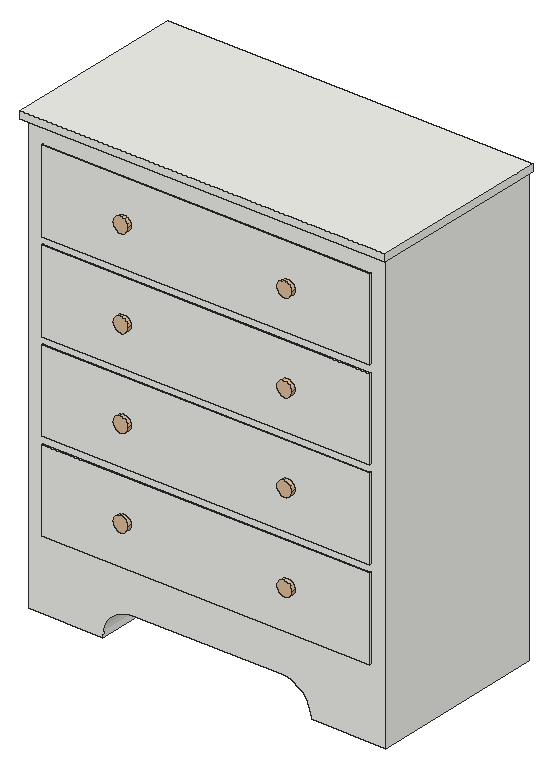
Revit family
Parameters (values of type "1220 x 1525 x 0610mm")
  Keynote = "N"
  Depth = 610.00 mm
  Material Dresser = Laminate - Ivory,Glossy
  Material Drawer = Laminate - Ivory,Matte
  Material Handles = Wood - Cherry
  Height = 1525.00 mm
  Width = 1220.00 mm
Types (4, lengths in mm): name | Depth | Height | Width
  (no name) | 610.00 | 1525.00 | 1220.00
  1220 x 1830 x 0610mm | 610.00 | 1830.00 | 1220.00
  1220 x 1525 x 0610mm | 610.00 | 1525.00 | 1220.00
  1830 x 1525 x 0457mm | 457.00 | 1525.00 | 1830.00
Reference planes
  plane 1 "Center (Front/Back)": y = -363.163
  plane 2: z = 0
  plane 3 "Center (Left/Right)": x = -269.193
  plane 4 "Back": y = -58.163
  plane 5 "Front": y = -668.163
  plane 6 "Right": x = 340.807
  plane 7 "Left": x = -879.193
  plane 8 "Top": z = 1525
  plane 9: x = -523.593
  plane 10: x = -14.793
  plane 11: z = 1448.8
  plane 12: z = 1143.75
  plane 13: z = 838.7
  plane 14: z = 533.65
  plane 15: z = 228.6
  plane 16: x = -828.393
  plane 17: x = 290.007
  plane 18: y = -674.513
  plane 19: z = 1499.6
  plane 20: x = -548.793
  plane 21: x = 10.407
  plane 22: z = 1296.275
  plane 23: z = 991.225
  plane 24: z = 686.175
  plane 25: z = 381.125
Forms (mm)
  Extrusion 1, solid, material "Laminate - Ivory,Glossy" <- "Material Dresser"
    sketch origin (0, -668.163, 0) x (1, 0, 0) y (0, 0, 1)
      loop
        line (86.807, 0) -> (340.807, 0) -> (340.807, 1499.6) -> (-879.193, 1499.6) -> (-879.193, 0) -> (-625.193, 0)
        arc (-625.193, 0) -> (-595.435, 71.842) -> (-523.593, 101.6) r 101.6
        line (-523.593, 101.6) -> (-14.793, 101.6)
        arc (-14.793, 101.6) -> (57.049, 71.842) -> (86.807, 0) r 101.6
    from 0 to -610
  Extrusion 2, solid, material "Laminate - Ivory,Matte"
    sketch origin (0, -668.163, 0) x (1, 0, 0) y (0, 0, 1)
      loop
        line (290.007, 1436.1) -> (-828.393, 1436.1) -> (-828.393, 1156.45) -> (290.007, 1156.45) -> (290.007, 1436.1)
      loop
        line (290.007, 1131.05) -> (-828.393, 1131.05) -> (-828.393, 851.4) -> (290.007, 851.4) -> (290.007, 1131.05)
      loop
        line (290.007, 826) -> (-828.393, 826) -> (-828.393, 546.35) -> (290.007, 546.35) -> (290.007, 826)
      loop
        line (290.007, 520.95) -> (-828.393, 520.95) -> (-828.393, 241.3) -> (290.007, 241.3) -> (290.007, 520.95)
    from 0 to 6.35
  Extrusion 3, solid, material "Laminate - Ivory,Matte"
    sketch origin (0, 0, 0) x (1, 0, 0) y (0, 1, 0)
      loop
        line (-891.893, -58.163) -> (-891.893, -687.213) -> (353.507, -687.213) -> (353.507, -58.163) -> (-891.893, -58.163)
    from 1499.6 to 1525
  Extrusion 4, solid, material "Wood - Cherry" <- "Material Handles"
    sketch origin (0, -668.163, 0) x (1, 0, 0) y (0, 0, 1)
      loop
        circle (10.407, 1296.275) r 25.4
      loop
        circle (10.407, 991.225) r 25.4
      loop
        circle (10.407, 686.175) r 25.4
      loop
        circle (10.407, 381.125) r 25.4
      loop
        circle (-548.793, 381.125) r 25.4
      loop
        circle (-548.793, 686.175) r 25.4
      loop
        circle (-548.793, 991.225) r 25.4
      loop
        circle (-548.793, 1296.275) r 25.4
    from 6.35 to 19.05
Lines and regions (mm)
  Masking region 1
    outline origin (0, 0, 0) x (1, 0, 0) y (0, 1, 0)
      loop
        line (-879.193, -58.163) -> (-879.193, -668.163) -> (340.807, -668.163) -> (340.807, -58.163) -> (-879.193, -58.163)
  symbolic lines
    curve 1: line (-879.193, -58.163, 0) -> (340.807, -58.163, 0)
    curve 2: line (-879.193, -58.163, 0) -> (-879.193, -668.163, 0)
    curve 3: line (-879.193, -668.163, 0) -> (340.807, -668.163, 0)
    curve 4: line (340.807, -58.163, 0) -> (340.807, -668.163, 0)
Dimensions and locks
  equal spacing: plane 7 "Left", plane 3 "Center (Left/Right)", plane 6 "Right"
  equal spacing: plane 5 "Front", plane 1 "Center (Front/Back)", plane 4 "Back"
  "Width": plane 7 "Left" to plane 6 "Right"
  "Depth": plane 5 "Front" to plane 4 "Back"
  "Height": plane 8 "Top" to plane 2
  locked: plane 7 "Left" to plane 9 at 355.6
  locked: plane 6 "Right" to plane 10 at 355.6
  locked: plane 8 "Top" to plane 11 at 76.2
  locked: plane 15 to plane 2 at 228.6
  equal spacing: plane 11, plane 12, plane 13, plane 14, plane 15
  locked: plane 7 "Left" to plane 16 at 50.8
  locked: plane 17 to plane 6 "Right" at 50.8
  plane 18 to plane 5 "Front" = 6.35 mm
  locked: plane 19 to plane 8 "Top" at 25.4
  equal spacing: plane 16, plane 20, plane 3 "Center (Left/Right)"
  equal spacing: plane 17, plane 21, plane 3 "Center (Left/Right)"
  equal spacing: plane 14, plane 25, plane 15
  equal spacing: plane 13, plane 24, plane 14
  equal spacing: plane 12, plane 23, plane 13
  equal spacing: plane 11, plane 22, plane 12
  aligned and locked: Extrusion 1 to plane 4 "Back"
  aligned and locked: Extrusion 2 to plane 5 "Front"
  aligned and locked: Extrusion 2 to plane 18
  aligned and locked: plane 19 to Extrusion 1
  aligned and locked: Extrusion 3 sketch curve to curve 1
  aligned and locked: Extrusion 3 to plane 8 "Top"
  aligned and locked: Extrusion 3 to Extrusion 1
Automatic sketch dimensions
  Extrusion 1 sketch curve to level = 0.00 mm  (x2)
  Extrusion 1 sketch curve to plane 7 "Left" = 0.00 mm
  Extrusion 1 sketch curve to plane 9 = 0.00 mm
  Extrusion 1 sketch curve to plane 10 = 0.00 mm
  Extrusion 1 sketch curve to plane 6 "Right" = 0.00 mm
  Extrusion 1 sketch curve to Extrusion 1 sketch curve = 101.60 mm
  plane 8 "Top" to Extrusion 1 sketch curve = 25.40 mm
  Extrusion 2 sketch curve to plane 16 = 0.00 mm  (x4)
  Extrusion 2 sketch curve to plane 17 = 0.00 mm  (x4)
  Extrusion 2 sketch curve to plane 15 = 12.70 mm
  plane 14 to Extrusion 2 sketch curve = 12.70 mm
  Extrusion 2 sketch curve to plane 14 = 12.70 mm
  plane 13 to Extrusion 2 sketch curve = 12.70 mm
  Extrusion 2 sketch curve to plane 13 = 12.70 mm
  plane 12 to Extrusion 2 sketch curve = 12.70 mm
  Extrusion 2 sketch curve to plane 12 = 12.70 mm
  plane 11 to Extrusion 2 sketch curve = 12.70 mm
  plane 7 "Left" to Extrusion 3 sketch curve = 12.70 mm
  Extrusion 3 sketch curve to plane 18 = 12.70 mm
  Extrusion 3 sketch curve to plane 6 "Right" = 12.70 mm
  Extrusion 4 sketch curve to plane 22 = 0.00 mm  (x2)
  Extrusion 4 sketch curve to plane 23 = 0.00 mm  (x2)
  Extrusion 4 sketch curve to plane 24 = 0.00 mm  (x2)
  Extrusion 4 sketch curve to plane 25 = 0.00 mm  (x2)
  Extrusion 4 sketch curve to plane 20 = 0.00 mm  (x4)
  Extrusion 4 sketch curve to plane 21 = 0.00 mm  (x4)
  Extrusion 4 sketch curve to Extrusion 4 sketch curve = 25.40 mm  (x8)
  curve 3 to plane 5 "Front" = 0.00 mm
  curve 3 to plane 7 "Left" = 0.00 mm
  curve 1 to plane 4 "Back" = 0.00 mm
  curve 1 to plane 6 "Right" = 0.00 mm
  Masking region 1 sketch curve to plane 5 "Front" = 0.00 mm
  Masking region 1 sketch curve to plane 7 "Left" = 0.00 mm
  Masking region 1 sketch curve to plane 6 "Right" = 0.00 mm
  Masking region 1 sketch curve to plane 4 "Back" = 0.00 mm
